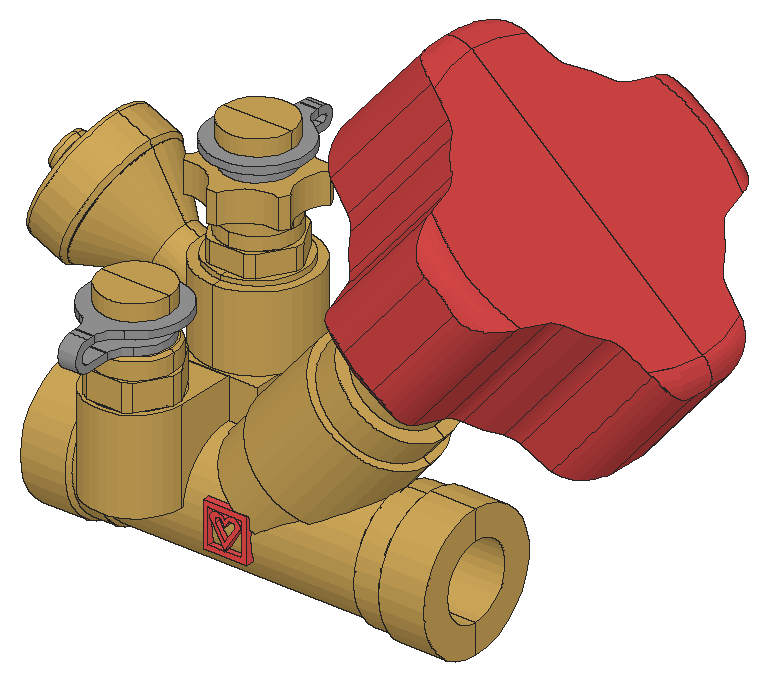
Revit family "HERZ Strömax Commissioning Valve With Integral Fixed orifice Plate 4017 ML (LF-MF)", category Rohrzubehör, Revit 2018
Family settings
  Bemaßung runder Anschluss = Durchmesser verwenden
  Teiletyp = Unterbricht
  OmniClass-Nummer = 23.65.55.14
  OmniClass-Titel = Valves for Liquid Services
  Arbeitsebenenbasiert = Nein
  Immer vertikal = Ja
  Beim Laden mit Abzugskörper schneiden = Nein
  Gemeinsam genutzt = Nein
Parameters (values of type "MF")
  kvs-value [instance] = if(and(Nennweite = 15.000 mm, LF), 0.46, if(and(Nennweite = 15.000 mm, MF), 0.88, 0))  # 0.88
  kv-value of orifice [instance] = if(and(Nennweite = 15.000 mm, LF), 0.48, if(and(Nennweite = 15.000 mm, MF), 0.97, 0))  # 0.97
  W01 = 50.00°  # constant formula
  URL = "www.herzvalves.com"
  SW01 = 60.00°  # constant formula
  SCRNSEQ = "ARM;ARM_TYP=\"STRV\";2"
  SCRNCODE = "05;07;02"  # constant formula
  S03 = 60.000 mm  # constant formula
  S02 [instance] = L04 + L06 + L07  # 76.800 mm
  S01 [instance] = D01 * 2  # 27.000 mm
  R03 = 21.500 mm  # constant formula
  R02 = 9.500 mm  # constant formula
  R01 = 12.000 mm  # constant formula
  Part number [instance] = if(and(Nennweite = 15.000 mm, LF), 1401730, if(and(Nennweite = 15.000 mm, MF), 1401739, 0))  # 1401739
  Model = "STRÖMAX 4017 ML, commissioning valve in Y pattern with an orifice plate and an connection for impulse line for differential pressure measurement, with test points:\r\nDZR brass, female threaded ends, non-rising stem sealed with Triple-O-Ring, presetting through stroke limiting, handwhell with presetting digital display."
  Medium = "Water purity in accordance with the OeNORM H5195 and VDI 2035 standards.\r\nEthylene and propylene glycol can be mixed to a ratio of 25 - 50 vol. %."
  Max. operating temperature = 130 °C  # constant formula
  Max. operating pressure = 2000000.0 Pa  # constant formula
  Max. differential pressure at closed valve = 1000000.0 Pa  # constant formula
  MF = yes
  LF = no
  L10 [instance] = size_lookup("4017_ML_", "L10", 1.000 mm, Nennweite)  # 28.500 mm
  L09 [instance] = size_lookup("4017_ML_", "L9", 1.000 mm, Nennweite)  # 22.500 mm
  L08 [instance] = size_lookup("4017_ML_", "L8", 1.000 mm, Nennweite)  # 12.700 mm
  L07 [instance] = size_lookup("4017_ML_", "L7", 1.000 mm, Nennweite)  # 35.100 mm
  L06 [instance] = size_lookup("4017_ML_", "L6", 1.000 mm, Nennweite)  # 6.500 mm
  L05 [instance] = size_lookup("4017_ML_", "L5", 1.000 mm, Nennweite)  # 20.200 mm
  L04 [instance] = size_lookup("4017_ML_", "L4", 1.000 mm, Nennweite)  # 35.200 mm
  L03 [instance] = size_lookup("4017_ML_", "L3", 1.000 mm, Nennweite)  # 1.000 mm
  H03 [instance] = H01 - 19.000 mm  # 1.000 mm
  H02 = 13.000 mm  # constant formula
  Field of application = "Can be used as isolating and commissioning valve."
  E01 [instance] = L00 / -2  # -41.500 mm
  E00 = 0.000 mm  # constant formula
  D09 [instance] = size_lookup("4017_ML_", "D9", 1.000 mm, Nennweite)  # 11.750 mm
  D08 [instance] = size_lookup("4017_ML_", "D8", 1.000 mm, Nennweite)  # 9.500 mm
  D07 [instance] = size_lookup("4017_ML_", "D7", 1.000 mm, Nennweite)  # 12.000 mm
  D06 [instance] = size_lookup("4017_ML_", "D6", 1.000 mm, Nennweite)  # 13.500 mm
  D05 [instance] = size_lookup("4017_ML_", "D5", 1.000 mm, Nennweite)  # 12.500 mm
  D04 [instance] = Nennweite / 2  # 7.500 mm
  IG [instance] = Nennweite / 2  # 7.500 mm
  D03 [instance] = size_lookup("4017_ML_", "D3", 1.000 mm, Nennweite)  # 11.900 mm
  D02 [instance] = size_lookup("4017_ML_", "D2", 1.000 mm, Nennweite)  # 12.700 mm
  D01 [instance] = size_lookup("4017_ML_", "D1", 1.000 mm, Nennweite)  # 13.500 mm
  Nennweite [instance] = 15.000 mm  # constant formula
  L02 [instance] = size_lookup("4017_ML_", "L2", 1.000 mm, Nennweite)  # 5.000 mm
  L01 [instance] = size_lookup("4017_ML_", "L1", 1.000 mm, Nennweite)  # 9.250 mm
  L00 [instance] = size_lookup("4017_ML_", "L", 1.000 mm, Nennweite)  # 83.000 mm
  Hersteller = "HERZ Armaturen Ges.m.b.H."  # constant formula
  H01 [instance] = size_lookup("4017_ML_", "H1", 1.000 mm, Nennweite)  # 20.000 mm
  GT [instance] = size_lookup("4017_ML_", "GT", 1.000 mm, Nennweite)  # 13.200 mm
  DN50 [instance] = Nennweite = 50.000 mm  # no
  DN40 [instance] = Nennweite = 40.000 mm  # no
  DN32 [instance] = Nennweite = 32.000 mm  # no
  DN25 [instance] = Nennweite = 25.000 mm  # no
  DN20 [instance] = Nennweite = 20.000 mm  # no
  DN15 [instance] = Nennweite = 15.000 mm  # yes
  Body = "DZR brass"  # constant formula
Types (3, lengths in mm): name | kvs-value | kv-value of orifice | Part number | MF | LF
  (no name) | 0.88 | 0.97 | 1401739 | yes | no
  LF | 0.46 | 0.48 | 1401730 | no | yes
  MF | 0.88 | 0.97 | 1401739 | yes | no
Reference planes
  plane 1 "Mitte (Vorne/hinten)": y = 0
  plane 2: z = 0
  plane 3 "Mitte (Links/rechts)": x = 0
Forms (mm)
  Revolve 1, solid, material "Messing, weicher Gelbton, geschweißt", detail levels fine
    sketch origin (470, 0, 0) x (1, 0, 0) y (0, 0, 1)
      loop
        line (-511.5, 7.5) -> (-498.3, 7.5) -> (-498.3, 0) -> (-441.7, 0) -> (-441.7, 7.5) -> (-428.5, 7.5) -> (-428.5, 13.5) -> (-437.75, 13.5) -> (-438.421, 12.7) -> (-443.421, 12.7) -> (-444.093, 11.9) -> (-495.907, 11.9) -> (-496.579, 12.7) -> (-501.579, 12.7) -> (-502.25, 13.5) -> (-511.5, 13.5) -> (-511.5, 7.5)
      axis (-511.5, 0) -> (-428.5, 0)
    angle from 0 to 360
  Revolve 2, solid, material "Messing, weicher Gelbton, geschweißt", detail levels fine
    sketch origin (0.32, 0, -0.105) x (1, 0, 0) y (0, 0, 1)
      loop
        line (-1.32, 0.105) -> (48.046, 58.937) -> (39.045, 66.49) -> (30.882, 56.761) -> (32.605, 55.315) -> (18.207, 38.155) -> (16.292, 39.762) -> (12.114, 34.783) -> (10.964, 35.747) -> (-2.02, 20.273) -> (-1.254, 19.63) -> (-7.652, 12.005) -> (-7.065, 4.926) -> (-1.32, 0.105)
      axis (-1.32, 0.105) -> (48.046, 58.937)
    angle from 0 to 360
  Extrusion 3, solid, material "Messing, weicher Gelbton, geschweißt", detail levels fine
    sketch origin (0, 0, 0) x (1, 0, 0) y (0, 1, 0)
      loop
        arc (-28.5, -12) -> (-19, -21.5) -> (-9.5, -12) r 9.5
        line (-9.5, -12) -> (-9.5, 0) -> (-28.5, 0) -> (-28.5, -12)
    from 1 <- "H03" to 20 <- "H01"
  Extrusion 4, solid, material "Messing, weicher Gelbton, geschweißt", detail levels fine
    sketch origin (0, 0, 0) x (1, 0, 0) y (0, 1, 0)
      loop
        line (-22.5, 12) -> (-22.5, 0) -> (-3.5, 0) -> (-3.5, 12)
        arc (-3.5, 12) -> (-13, 21.5) -> (-22.5, 12) r 9.5
    from 0 to 20 <- "H01"
  Extrusion 5, void
    sketch origin (0, 0, 0) x (1, 0, 0) y (0, 0, 1)
      loop
        line (55, 0) -> (80, 0) -> (80, 73) -> (55, 73) -> (55, 0)
    from 55 to -55
Cuts and joins
  Extrusion 5 cuts Revolve 2
Lines and regions (mm)
  model lines, detail levels coarse+medium
    curve 1: line (-41.5, 0, 13.5) -> (-41.5, 0, -13.5)
    curve 2: line (-41.5, 0, -13.5) -> (41.5, 0, 13.5)
    curve 3: line (41.5, 0, 13.5) -> (41.5, 0, -13.5)
    curve 4: line (41.5, 0, -13.5) -> (-41.5, 0, 13.5)
    curve 5: line (0, 0, 0) -> (38.4, 0, 66.511)
    curve 6: line (12.419, 0, 81.511) -> (64.381, 0, 51.511)
    curve 7: line (-41.5, -13.5, 0) -> (-41.5, 13.5, 0)
    curve 8: line (-41.5, 13.5, 0) -> (41.5, -13.5, 0)
    curve 9: line (41.5, -13.5, 0) -> (41.5, 13.5, 0)
    curve 10: line (41.5, 13.5, 0) -> (-41.5, -13.5, 0)
    curve 11: line (0, 0, 0) -> (38.4, 66.511, 0)
    curve 12: line (12.419, 81.511, 0) -> (64.381, 51.511, 0)
Dimensions and locks
  "L00": Revolve 1 sketch curve to Revolve 1 sketch curve
  equal spacing: Revolve 1 sketch curve, plane 3 "Mitte (Links/rechts)", Revolve 1 sketch curve
  "D01": Revolve 1 sketch curve to Revolve 1 sketch curve  (x2)
  "GT": Revolve 1 sketch curve to Revolve 1 sketch curve  (x2)
  "D06": Revolve 2 sketch curve to Revolve 2 sketch curve
  "D07": Revolve 2 sketch curve to Revolve 2 sketch curve
  "D08": Revolve 2 sketch curve to Revolve 2 sketch curve
  "D09": Revolve 2 sketch curve to Revolve 2 sketch curve
  equal spacing: curve 1, plane 3 "Mitte (Links/rechts)", curve 3
  "L00": curve 1 to curve 3
  equal spacing: curve 4, plane 2, curve 2
  "S01": curve 4 to curve 1
  "S01": curve 3 to curve 4
  equal spacing: curve 3, plane 2, curve 4
  "S02": curve 5 to curve 5
  equal spacing: curve 6, curve 5, curve 6
  "S03": curve 6 to curve 6
  equal spacing: curve 7, plane 3 "Mitte (Links/rechts)", curve 9
  "L00": curve 7 to curve 9
  equal spacing: curve 10, plane 1 "Mitte (Vorne/hinten)", curve 8
  "S01": curve 8 to curve 10
  equal spacing: curve 9, plane 1 "Mitte (Vorne/hinten)", curve 10
  "S01": curve 10 to curve 9
  "S02": curve 11 to curve 11
  equal spacing: curve 12, curve 11, curve 12
  "S03": curve 12 to curve 12
  "L01": Revolve 1 sketch curve to Revolve 1 sketch curve  (x2)
  "D02": Revolve 1 sketch curve to plane 2  (x2)
  "D03": Revolve 1 sketch curve to plane 2
  "IG": Revolve 1 sketch curve to plane 2  (x2)
  "L02": Revolve 1 sketch curve to Revolve 1 sketch curve  (x2)
  "L04": Revolve 2 sketch curve to Revolve 2 sketch curve
  "L05": Revolve 2 sketch curve to Revolve 2 sketch curve
  "D03": Revolve 2 sketch curve to plane 2
  "L06": Revolve 2 sketch curve to Revolve 2 sketch curve
  "L08": Revolve 2 sketch curve to Revolve 2 sketch curve
  "L07": Revolve 2 sketch curve to Revolve 2 sketch curve
  "D04": Revolve 2 sketch curve to Revolve 2 sketch curve
  "D05": Revolve 2 sketch curve to Revolve 2 sketch curve
  "L03": plane 3 "Mitte (Links/rechts)" to Revolve 2 sketch curve  (x2)
  "D03": nested 1 to plane 1 "Mitte (Vorne/hinten)"
  "L09": Revolve 1 to Extrusion 3 sketch curve
  "R01": Extrusion 3 sketch curve to plane 1 "Mitte (Vorne/hinten)"
  "R01": plane 1 "Mitte (Vorne/hinten)" to Extrusion 4 sketch curve
  "L10": Revolve 1 to Extrusion 4 sketch curve
  "H01": nested 2 to plane 2
  "R01": nested 2 to plane 1 "Mitte (Vorne/hinten)"
  "L09": Revolve 1 to nested 2
  Extrusion 5 sketch curve to plane 3 "Mitte (Links/rechts)" = 55.000 mm
  Extrusion 5 sketch curve to Extrusion 5 sketch curve = 25.000 mm
  Extrusion 5 sketch curve to plane 2 = 73.000 mm
  "L10": Revolve 1 to nested 4
  "R01": plane 1 "Mitte (Vorne/hinten)" to nested 4
  "H01": nested 4 to plane 2
  "R02": radius of Extrusion 3 sketch curve
  "R02": radius of Extrusion 4 sketch curve
  "W01": angle level to Revolve 2 sketch curve
  "SW01": angle plane 2 to curve 5
  "SW01": angle plane 1 "Mitte (Vorne/hinten)" to curve 11
  "W01": angle Revolve 1 sketch curve to Revolve 1 sketch curve  (x4)
  "W01": angle plane 2 to Revolve 2 sketch curve
  aligned and locked: level to plane 2
Automatic sketch dimensions
  Extrusion 5 sketch curve to level = 0.000 mm
  curve 5 to level = 0.000 mm
  plane 1 "Mitte (Vorne/hinten)" to curve 11 = 0.000 mm
  Revolve 1 sketch curve to level = 0.000 mm  (x2)
  Revolve 1 sketch curve to Revolve 1 sketch curve = 791.990 mm
  Revolve 1 sketch curve to Revolve 1 sketch curve = 2278.983 mm
  Revolve 2 sketch curve to level = 0.000 mm  (x2)
  plane 1 "Mitte (Vorne/hinten)" to Extrusion 3 sketch curve = 0.000 mm
  plane 1 "Mitte (Vorne/hinten)" to Extrusion 4 sketch curve = 0.000 mm
Nested families
  nested 1: "Herz-Logo-vorne" at (0, -11.9, 0) x (0, 1, 0) z (0, 0, 1), type "Herz-Logo-vorne", detail levels fine
  nested 2: "Messstutzen_Band_Eintritt_senkrecht_(oben)" at (-19, -12, 2.5) x (-1, 0, 0) z (0, 0, 1), type "Messstutzen_Band_Eintritt_senkrecht_(oben)", detail levels fine
    with Schutzkappe yes, Nennweite 0.000 mm, Gewicht 0.00 kg, Bestellnummer 0
  nested 3: "Strangregulierventil-Handrad (Rot) DN15-DN32" at (48.366, 0, 58.832), visible <- "DN15", type "Strangregulierventil-Handrad (Rot) DN15-DN32"
    with Nennweite 0.000 mm, Gewicht 0.00 kg, Bestellnummer 0
  nested 4: "Messstutzen_Band-KFE_Austritt_senkrecht_(oben)" at (-13, 12, 24.41), type "Messstutzen_Band-KFE_Austritt_senkrecht_(oben)", detail levels fine
    with Schutzkappe yes, Nennweite 0.000 mm, Gewicht 0.00 kg, Bestellnummer 0
Connectors
  piping at (-28.3, 0, 0), diameter 15, driven by "Nennweite"
    settings: on Revolve 1, index 1, connector inside diameter 609.6 mm, connector length 0.000 mm, flow factor 0, pipe flow 0.0 L/s, pressure drop 0.0 Pa, fitting loss kfactor 0, connector angle 0.00°, fixture units 0, engagement length 0.000 mm, angle of deflection 0.00°, flow configuration 0, flow direction 1, fitting loss method 0, system type 29, joint type 0, gender type 0, connector reference index -1, connector utility 0, adjustable connector no, is connector primary yes, connector description ""
  piping at (28.3, 0, 0), diameter 15, driven by "Nennweite"
    settings: on Revolve 1, index 2, connector inside diameter 609.6 mm, connector length 0.000 mm, flow factor 0, pipe flow 0.0 L/s, pressure drop 0.0 Pa, fitting loss kfactor 0, connector angle 0.00°, fixture units 0, engagement length 0.000 mm, angle of deflection 0.00°, flow configuration 0, flow direction 2, fitting loss method 0, system type 29, joint type 0, gender type 0, connector reference index -1, connector utility 0, adjustable connector no, is connector primary no, connector description ""
Definition of nested family "Herz-Logo-vorne"
  Reference planes
    plane 1 "Mitte (Vorne/hinten)": y = 0
    plane 2: z = 0
    plane 3 "Mitte (Links/rechts)": x = 0
  Forms (mm)
    Extrusion 1, solid
      sketch origin (0.732, -0.018, 0.017) x (0, -1, 0) y (0, 0, 1)
        loop
          line (-0.018, -4.517) -> (4.482, -4.517) -> (4.482, 4.483) -> (-4.518, 4.483) -> (-4.518, -4.517) -> (-0.018, -4.517)
        loop
          line (-0.05, -3.48) -> (3.482, -3.48) -> (3.482, 3.483) -> (-3.518, 3.483) -> (-3.518, -3.48) -> (-0.05, -3.48)
        loop
          arc (-0.018, 2.383) -> (-1.543, 3.287) -> (-3.067, 2.383) r 1.738
          arc (-3.067, 2.383) -> (-3.191, 1.899) -> (-3.067, 1.415) r 1.009
          line (-3.067, 1.415) -> (-0.018, -3.281) -> (3.032, 1.415)
          arc (3.032, 1.415) -> (3.156, 1.899) -> (3.032, 2.383) r 1.009
          arc (3.032, 2.383) -> (1.507, 3.287) -> (-0.018, 2.383) r 1.738
        loop
          arc (1.885, 1.272) -> (2.005, 1.675) -> (1.885, 2.079) r 0.74
          arc (1.885, 2.079) -> (1.265, 2.416) -> (0.644, 2.079) r 0.74
          line (0.644, 2.079) -> (-0.018, 0.97) -> (-0.679, 2.079)
          arc (-0.679, 2.079) -> (-1.3, 2.416) -> (-1.921, 2.079) r 0.74
          arc (-1.921, 2.079) -> (-2.04, 1.675) -> (-1.921, 1.272) r 0.74
          line (-1.921, 1.272) -> (-0.018, -1.658) -> (1.885, 1.272)
      from 0 to 1.5
  Dimensions and locks
    aligned and locked: level to plane 2
Definition of nested family "Messstutzen_Band_Eintritt_senkrecht_(oben)"
  Parameters (values of type "Messstutzen_Band_Eintritt_senkrecht_(oben)")
    URL = "www.herz-armaturen.at"
    Schutzkappe [instance] = yes
    Nennweite [instance] = 0.000 mm
    Manufacturer = "Herz Armaturen GmbH"  # constant formula
    Gewicht [instance] = 0.00 kg
    Bestellnummer [instance] = 0
  Reference planes
    plane 1 "Mitte (Vorne/hinten)": y = 0
    plane 2: z = 0
    plane 3 "Mitte (Links/rechts)": x = 0
    plane 4 "Schlaufe 1": z = -27
    plane 5 "Schlaufe 2": z = -31.678
  Forms (mm)
    Revolve 1, solid, detail levels fine
      sketch origin (0, 0, 0) x (1, 0, 0) y (0, 0, 1)
        loop
          line (-7.4, 9) -> (-5.55, 9) -> (-5.55, 6)
          arc (-5.55, 6) -> (-5.626, 5.617) -> (-5.843, 5.293) r 1
          line (-5.843, 5.293) -> (-6.455, 4.681) -> (-6.455, 0.9) -> (-5.555, 0) -> (-2, 0) -> (-2, 17.5) -> (-8.4, 17.5)
          arc (-8.4, 17.5) -> (-7.693, 17.207) -> (-7.4, 16.5) r 1
          line (-7.4, 16.5) -> (-7.4, 9)
        loop
          line (-3.7, 27) -> (-7.3, 27) -> (-7.9, 26.4) -> (-7.9, 23) -> (-2, 23) -> (-2, 35.8) -> (-3.805, 35.8) -> (-4.415, 35.19) -> (-4.415, 30.863) -> (-3.7, 30.45) -> (-3.7, 27)
        axis (0, 0) -> (0, 35.8)
      angle from 0 to 360
    Extrusion 2, solid, detail levels fine
      sketch origin (0, 0, 17.5) x (0, 1, 0) y (-1, 0, 0)
        loop
          arc (-7.07, 5.156) -> (-7.578, 4.375) -> (-8, 3.544) r 8.75
          line (-8, 3.544) -> (-8, -3.544)
          arc (-8, -3.544) -> (-7.578, -4.375) -> (-7.07, -5.156) r 8.75
          line (-7.07, -5.156) -> (-0.93, -8.7)
          arc (-0.93, -8.7) -> (0, -8.75) -> (0.93, -8.7) r 8.75
          line (0.93, -8.7) -> (7.07, -5.156)
          arc (7.07, -5.156) -> (7.578, -4.375) -> (8, -3.544) r 8.75
          line (8, -3.544) -> (8, 3.544)
          arc (8, 3.544) -> (7.578, 4.375) -> (7.07, 5.156) r 8.75
          line (7.07, 5.156) -> (0.93, 8.7)
          arc (0.93, 8.7) -> (0, 8.75) -> (-0.93, 8.7) r 8.75
          line (-0.93, 8.7) -> (-7.07, 5.156)
      from 0 to 5.5
    Revolve 3, solid, visible <- "Schutzkappe", detail levels fine
      sketch origin (0, 0, 0) x (1, 0, 0) y (0, 0, 1)
        loop
          line (0, 35.878) -> (0, 36.678) -> (-7, 36.678) -> (-7, 33.378) -> (-6.1, 33.378) -> (-6.1, 31.678) -> (-6.9, 31.678) -> (-6.9, 30.178) -> (-4.415, 30.178) -> (-4.415, 35.268) -> (-3.805, 35.878) -> (0, 35.878)
        axis (0, 30.178) -> (0, 36.678)
      angle from 0 to 360
    Extrusion 4, solid, detail levels fine
      sketch origin (0, 0, 28.5) x (1, 0, 0) y (0, 1, 0)
        loop
          circle (0, 0) r 3.7
        loop
          arc (-3.906, 5.505) -> (0, -6.75) -> (3.906, 5.505) r 6.75
          arc (3.906, 5.505) -> (2.358, 7.288) -> (1.8, 9.582) r 5
          line (1.8, 9.582) -> (-1.8, 9.582)
          arc (-1.8, 9.582) -> (-2.358, 7.288) -> (-3.906, 5.505) r 5
      from 0 to -1.5
    Extrusion 5, solid, detail levels fine
      sketch origin (0, 0, 33.178) x (1, 0, 0) y (0, 1, 0)
        loop
          circle (0, 0) r 6.1
        loop
          arc (-4.495, 8.652) -> (0, -9.75) -> (4.495, 8.652) r 9.75
          arc (4.495, 8.652) -> (2.527, 10.493) -> (1.8, 13.089) r 5
          line (1.8, 13.089) -> (-1.8, 13.089)
          arc (-1.8, 13.089) -> (-2.527, 10.493) -> (-4.495, 8.652) r 5
      from 0 to -1.5
    Sweep 6, solid, detail levels fine
      path origin (0, 0, 0) x (0, 0, -1) y (0, -1, 0)
        loop
          line (-27.75, -9.582) -> (-27.75, -14.522)
          arc (-27.75, -14.522) -> (-30.089, -16.862) -> (-32.428, -14.522) r 2.339
          line (-32.428, -14.522) -> (-32.428, -13.089)
      profile origin (0, 12.052, 27.75) x (0, 0, 1) y (1, 0, 0)
        loop
          line (-0.75, -1.8) -> (0.75, -1.8) -> (0.75, 1.8) -> (-0.75, 1.8) -> (-0.75, -1.8)
  Dimensions and locks
    aligned and locked: level to plane 2
Definition of nested family "Strangregulierventil-Handrad (Rot) DN15-DN32"
  Parameters (values of type "Strangregulierventil-Handrad (Rot) DN15-DN32")
    URL = "www.herz-armaturen.at"
    Nennweite [instance] = 0.000 mm
    Manufacturer = "Herz Armaturen GmbH"  # constant formula
    Gewicht [instance] = 0.00 kg
    Bestellnummer [instance] = 0
  Reference planes
    plane 1 "Mitte (Vorne/hinten)": y = 0
    plane 2: z = 0
    plane 3 "Mitte (Links/rechts)": x = 0
  Forms (mm)
    Revolve 1, solid, detail levels fine
      sketch origin (0, 0, 0) x (0.766044, 0, -0.642788) y (0.642788, 0, 0.766044)
        loop
          line (0, 0) -> (0, 24.95) -> (-30.992, 24.95)
          arc (-30.992, 24.95) -> (-34.37, 23.636) -> (-35.973, 20.386) r 5
          line (-35.973, 20.386) -> (-37, 8.65) -> (-35.986, -2.936)
          arc (-35.986, -2.936) -> (-34.383, -6.186) -> (-31.005, -7.5) r 5
          line (-31.005, -7.5) -> (-15, -7.5) -> (-15, 0) -> (0, 0)
        axis (0, 24.95) -> (0, -7.5)
      angle from 0 to 360
    Extrusion 2, void
      sketch origin (13.049, 0, 15.551) x (0.766044, 0, -0.642788) y (0, 1, 0)
        loop
          line (3.861, 35.5) -> (-3.861, 35.5)
          arc (-3.861, 35.5) -> (-8.731, 33.847) -> (-11.589, 29.571) r 8
          line (-11.589, 29.571) -> (-13.284, 23.245)
          arc (-13.284, 23.245) -> (-13.982, 21.722) -> (-15.144, 20.516) r 5
          arc (-15.144, 20.516) -> (-18.031, 18.031) -> (-20.516, 15.144) r 25.5
          arc (-20.516, 15.144) -> (-21.722, 13.982) -> (-23.245, 13.284) r 5
          line (-23.245, 13.284) -> (-29.571, 11.589)
          arc (-29.571, 11.589) -> (-33.847, 8.731) -> (-35.5, 3.861) r 8
          line (-35.5, 3.861) -> (-35.5, -3.861)
          arc (-35.5, -3.861) -> (-33.847, -8.731) -> (-29.571, -11.589) r 8
          line (-29.571, -11.589) -> (-23.245, -13.284)
          arc (-23.245, -13.284) -> (-21.722, -13.982) -> (-20.516, -15.144) r 5
          arc (-20.516, -15.144) -> (-18.031, -18.031) -> (-15.144, -20.516) r 25.5
          arc (-15.144, -20.516) -> (-13.982, -21.722) -> (-13.284, -23.245) r 5
          line (-13.284, -23.245) -> (-11.589, -29.571)
          arc (-11.589, -29.571) -> (-8.731, -33.847) -> (-3.861, -35.5) r 8
          line (-3.861, -35.5) -> (3.861, -35.5)
          arc (3.861, -35.5) -> (8.731, -33.847) -> (11.589, -29.571) r 8
          line (11.589, -29.571) -> (13.284, -23.245)
          arc (13.284, -23.245) -> (13.982, -21.722) -> (15.144, -20.516) r 5
          arc (15.144, -20.516) -> (18.031, -18.031) -> (20.516, -15.144) r 25.5
          arc (20.516, -15.144) -> (21.722, -13.982) -> (23.245, -13.284) r 5
          line (23.245, -13.284) -> (29.571, -11.589)
          arc (29.571, -11.589) -> (33.847, -8.731) -> (35.5, -3.861) r 8
          line (35.5, -3.861) -> (35.5, 3.861)
          arc (35.5, 3.861) -> (33.847, 8.731) -> (29.571, 11.589) r 8
          line (29.571, 11.589) -> (23.245, 13.284)
          arc (23.245, 13.284) -> (21.722, 13.982) -> (20.516, 15.144) r 5
          arc (20.516, 15.144) -> (18.031, 18.031) -> (15.144, 20.516) r 25.5
          arc (15.144, 20.516) -> (13.982, 21.722) -> (13.284, 23.245) r 5
          line (13.284, 23.245) -> (11.589, 29.571)
          arc (11.589, 29.571) -> (8.731, 33.847) -> (3.861, 35.5) r 8
        loop
          circle (0, 0) r 38
      from -31.266 to 7.923
  Cuts and joins
    Extrusion 2 cuts Revolve 1
  Dimensions and locks
    Revolve 1 sketch curve to Revolve 1 sketch curve = 15.000 mm
    Revolve 1 sketch curve to Revolve 1 sketch curve = 16.150 mm
    Revolve 1 sketch curve to Revolve 1 sketch curve = 16.300 mm
    angle Revolve 1 sketch curve to Revolve 1 sketch curve = 95.00°
    aligned and locked: level to plane 2
Definition of nested family "Messstutzen_Band-KFE_Austritt_senkrecht_(oben)"
  Parameters (values of type "Messstutzen_Band-KFE_Austritt_senkrecht_(oben)")
    URL = "www.herz-armaturen.at"
    Schutzkappe [instance] = yes
    Nennweite [instance] = 0.000 mm
    Manufacturer = "Herz Armaturen GmbH"  # constant formula
    Gewicht [instance] = 0.00 kg
    Bestellnummer [instance] = 0
  Reference planes
    plane 1 "Mitte (Vorne/hinten)": y = 0
    plane 2: z = 0
    plane 3 "Mitte (Links/rechts)": x = 0
  Forms (mm)
    Revolve 1, solid, detail levels fine
      sketch origin (0, 0, 0) x (1, 0, 0) y (0, 0, 1)
        loop
          line (-7.4, 9) -> (-5.55, 9) -> (-5.55, 6)
          arc (-5.55, 6) -> (-5.626, 5.617) -> (-5.843, 5.293) r 1
          line (-5.843, 5.293) -> (-6.455, 4.681) -> (-6.455, 0.9) -> (-5.555, 0) -> (-2, 0) -> (-2, 23) -> (-2, 35.8) -> (-3.805, 35.8) -> (-4.415, 35.19) -> (-4.415, 30.863) -> (-3.7, 30.45) -> (-3.7, 27) -> (-7.4, 27) -> (-7.4, 9)
        axis (0, 0) -> (0, 35.8)
      angle from 0 to 360
    Extrusion 2, solid, detail levels fine
      sketch origin (0, 0, 17.5) x (0, 1, 0) y (-1, 0, 0)
        loop
          arc (-7.07, 5.156) -> (-7.578, 4.375) -> (-8, 3.544) r 8.75
          line (-8, 3.544) -> (-8, -3.544)
          arc (-8, -3.544) -> (-7.578, -4.375) -> (-7.07, -5.156) r 8.75
          line (-7.07, -5.156) -> (-0.93, -8.7)
          arc (-0.93, -8.7) -> (0, -8.75) -> (0.93, -8.7) r 8.75
          line (0.93, -8.7) -> (7.07, -5.156)
          arc (7.07, -5.156) -> (7.578, -4.375) -> (8, -3.544) r 8.75
          line (8, -3.544) -> (8, 3.544)
          arc (8, 3.544) -> (7.578, 4.375) -> (7.07, 5.156) r 8.75
          line (7.07, 5.156) -> (0.93, 8.7)
          arc (0.93, 8.7) -> (0, 8.75) -> (-0.93, 8.7) r 8.75
          line (-0.93, 8.7) -> (-7.07, 5.156)
      from -5.51 to -1.21
    Revolve 3, solid, visible <- "Schutzkappe", detail levels fine
      sketch origin (0, 0, 0) x (1, 0, 0) y (0, 0, 1)
        loop
          line (0, 35.878) -> (0, 36.678) -> (-7, 36.678) -> (-7, 33.378) -> (-6.1, 33.378) -> (-6.1, 31.678) -> (-6.9, 31.678) -> (-6.9, 30.178) -> (-4.415, 30.178) -> (-4.415, 35.268) -> (-3.805, 35.878) -> (0, 35.878)
        axis (0, 30.178) -> (0, 36.678)
      angle from 0 to 360
    Extrusion 4, solid, detail levels fine
      sketch origin (0, 0, 30) x (1, 0, 0) y (0, 1, 0)
        loop
          circle (0, 0) r 3.7
        loop
          arc (-3.906, 5.505) -> (0, -6.75) -> (3.906, 5.505) r 6.75
          arc (3.906, 5.505) -> (2.358, 7.288) -> (1.8, 9.582) r 5
          line (1.8, 9.582) -> (-1.8, 9.582)
          arc (-1.8, 9.582) -> (-2.358, 7.288) -> (-3.906, 5.505) r 5
      from 0 to -1.5
    Extrusion 5, solid, detail levels fine
      sketch origin (0, 0, 33.178) x (1, 0, 0) y (0, 1, 0)
        loop
          circle (0, 0) r 6.1
        loop
          arc (-4.495, 8.652) -> (0, -9.75) -> (4.495, 8.652) r 9.75
          arc (4.495, 8.652) -> (2.527, 10.493) -> (1.8, 13.089) r 5
          line (1.8, 13.089) -> (-1.8, 13.089)
          arc (-1.8, 13.089) -> (-2.527, 10.493) -> (-4.495, 8.652) r 5
      from 0 to -1.5
    Sweep 6, solid, detail levels fine
      path origin (0, 0, 0) x (0, 0, -1) y (0, -1, 0)
        loop
          line (-29.25, -9.582) -> (-29.25, -14.522)
          arc (-29.25, -14.522) -> (-30.839, -16.112) -> (-32.428, -14.522) r 1.589
          line (-32.428, -14.522) -> (-32.428, -13.089)
      profile origin (0, 12.052, 29.25) x (0, 0, 1) y (1, 0, 0)
        loop
          line (-0.75, -1.8) -> (0.75, -1.8) -> (0.75, 1.8) -> (-0.75, 1.8) -> (-0.75, -1.8)
    Extrusion 7, solid, detail levels fine
      sketch origin (-101.196, 0, 0) x (1, 0, 0) y (0, 1, 0)
        loop
          arc (112.053, 5.113) -> (111.589, 6) -> (111.053, 6.845) r 12
          arc (111.053, 6.845) -> (105.696, 7.794) -> (102.196, 11.958) r 7.971
          arc (102.196, 11.958) -> (101.196, 12) -> (100.196, 11.958) r 12
          arc (100.196, 11.958) -> (96.696, 7.794) -> (91.34, 6.845) r 7.971
          arc (91.34, 6.845) -> (90.804, 6) -> (90.34, 5.113) r 12
          arc (90.34, 5.113) -> (92.196, 0) -> (90.34, -5.113) r 7.971
          arc (90.34, -5.113) -> (90.804, -6) -> (91.34, -6.845) r 12
          arc (91.34, -6.845) -> (96.696, -7.794) -> (100.196, -11.958) r 7.971
          arc (100.196, -11.958) -> (101.196, -12) -> (102.196, -11.958) r 12
          arc (102.196, -11.958) -> (105.696, -7.794) -> (111.053, -6.845) r 7.971
          arc (111.053, -6.845) -> (111.589, -6) -> (112.053, -5.113) r 12
          arc (112.053, -5.113) -> (110.196, 0) -> (112.053, 5.113) r 7.971
      from 22.3 to 28.5
    Revolve 8, solid, detail levels fine
      sketch origin (0, 43.374, -20) x (0, 1, 0) y (0, 0, 1)
        loop
          line (-43.374, 0) -> (-37.874, 0) -> (-36.774, 1.1) -> (-36.774, 4.9) -> (-37.874, 6) -> (-37.874, 8.4) -> (-36.424, 8.4) -> (-36.424, 9.2) -> (-34.424, 9.2) -> (-34.424, 15.59) -> (-31.874, 15.59) -> (-31.874, 30.99) -> (-33.874, 30.99) -> (-33.874, 31.99) -> (-43.374, 31.99) -> (-43.374, 0)
        loop
          line (-43.374, 39) -> (-43.374, 36.29) -> (-35.874, 36.29) -> (-35.874, 39) -> (-43.374, 39)
        axis (-43.374, 39) -> (-43.374, 0)
      angle from 0 to 360
    Revolve 9, solid, detail levels fine
      sketch origin (0, 0, 0) x (-1, 0, 0) y (0, 0, 1)
        loop
          line (0, -1.01) -> (32.627, 14.204) -> (27.556, 25.08) -> (25.934, 25.67) -> (21.602, 23.65) -> (14.873, 11.994) -> (-2.324, 3.975) -> (0, -1.01)
        axis (32.627, 14.204) -> (0, -1.01)
      angle from 0 to 360
    Revolve 10, solid, detail levels fine
      sketch origin (-51.188, 0, -39.797) x (-0.422618, 0, -0.906308) y (-0.906308, 0, 0.422618)
        loop
          line (-56.786, 8) -> (-45.747, 8) -> (-45.747, 0) -> (-43.834, 0) -> (-42.786, 1.048) -> (-42.786, 8.048)
          arc (-42.786, 8.048) -> (-43.065, 8.721) -> (-43.738, 9) r 0.952
          line (-43.738, 9) -> (-52.974, 9)
          arc (-52.974, 9) -> (-53.548, 9.238) -> (-53.786, 9.812) r 0.812
          line (-53.786, 9.812) -> (-53.786, 12) -> (-52.786, 12) -> (-52.786, 13.03)
          arc (-52.786, 13.03) -> (-53.07, 13.716) -> (-53.756, 14) r 0.97
          line (-53.756, 14) -> (-56.786, 14) -> (-56.786, 8)
        axis (-56.786, 14) -> (-56.786, 0)
      angle from 0 to 360
  Dimensions and locks
    aligned and locked: level to plane 2
